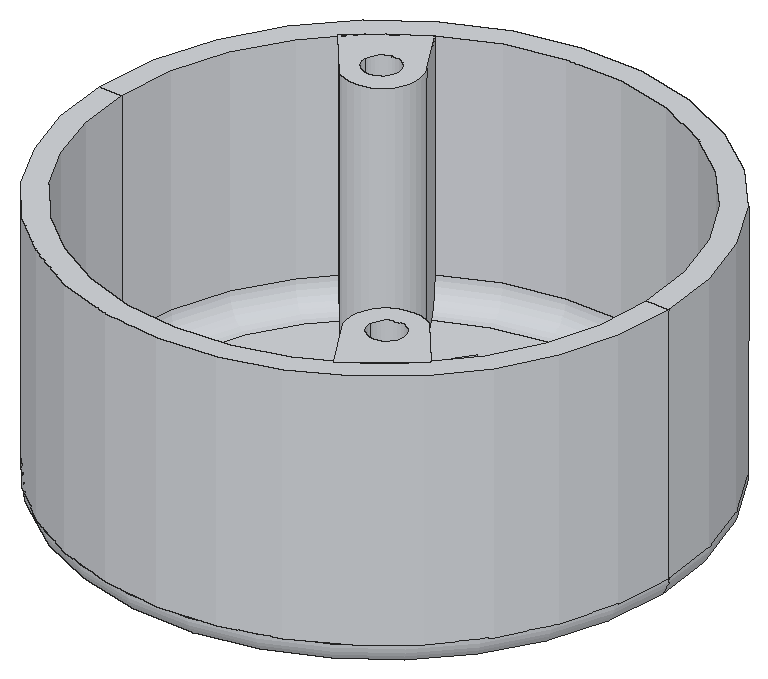
Revit family "PL4B", category Generic Models, Revit 2017
Family settings
  Can host rebar = No
  Round Connector Dimension = Use Diameter
  Part Type = Normal
  Work Plane-Based = Yes
  Always vertical = No
  Cut with Voids When Loaded = No
  Shared = No
  Room Calculation Point = No
Parameters (values of type "NBS Standard Parameters")
  Weight = "0.075Kg"
  WarrantyStartDate [instance] = "1900-12-31T23:59:59"
  WarrantyGuarantorParts = "n/a"
  WarrantyGuarantorLabor = "n/a"
  WarrantyDurationUnit = "1 year"
  WarrantyDurationParts = "n/a"
  WarrantyDurationLabor = "n/a"
  WarrantyDescription = "n/a"
  Version = "1"
  Uniclass2 = "Pr_65_70_11_20"
  TagNumber [instance] = "n/a"
  SustainabilityPerformance = "n/a"
  Size = "4 Hole / KO"
  Shape = "Circular"
  SerialNumber [instance] = "n/a"
  Revision = "n/a"
  ReplacementCost = "n/a"
  ProductInformation = "www.metpro.co.uk/pdf/pl4w.pdf"
  NominalWidth = 66 mm
  NominalLength = 66 mm
  NominalHeight = 32.5 mm
  Name = ""
  NBSTypeID = ""
  NBSReference = "90-55-10/460"
  NBSOfficeMasterTag = ""
  NBSNote = ""
  NBSDescription = "Conduit Fittings"
  NBSCertification = ""
  ModelReference = "PL4B"
  ModelNumber = "n/a"
  Material = "Mild Steel"
  ManufacturerURL = "www.metpro.co.uk"
  ManufacturerName = "Metpro Ltd"
  Keynote = "Manufactured to BS4607 Part 1"
  InstallationDate [instance] = "1900-12-31T23:59:59"
  IfcExportType = ""
  IfcExportAs = ""
  Grade = "n/a"
  Finish = "Black"
  Features = "n/a"
  ExpectedLife = "n/a"
  DurationUnit = "year"
  Description = "PL4B - PVC Conduit Loopin Box"
  Default Elevation = 1219.2 mm
  Constituents = "n/a"
  Color = "n/a"
  CodePerformance = "n/a"
  Category = "n/a"
  BarCode [instance] = "n/a"
  BIMObjectName = "Metpro_metprolibrary_conduitfittings_PVCcomponent_accessory"
  Author = "Metpro Ltd"
  AssetType = ""
  AssetIdentifier [instance] = "n/a"
  AccessibilityPerformance = "n/a"
Reference planes
  plane 1 "Center (Front/Back)": y = 0
  plane 2: z = 0
  plane 3 "Center (Left/Right)": x = 0
Forms (mm)
  Revolve 1, solid
    sketch origin (32.5, 160.728, -24.873) x (1, 0, 0) y (0, 0, 1)
      loop
        line (-32.5, 40) -> (-32.5, 12.5)
        arc (-32.5, 12.5) -> (-31.768, 10.732) -> (-30, 10) r 2.5
        line (-30, 10) -> (0, 10) -> (0, 12.541) -> (-27, 12.541)
        arc (-27, 12.541) -> (-29.121, 13.42) -> (-30, 15.541) r 3
        line (-30, 15.541) -> (-30, 40) -> (-32.5, 40)
      axis (0, 10) -> (0, 40)
    angle from 0 to 360
  Extrusion 2, solid
    sketch origin (32.5, 160.728, 15.127) x (0, 1, 0) y (-1, 0, 0)
      loop
        arc (-15.277, -17.303) -> (-15.749, -12.281) -> (-20.76, -11.714) r 4
        line (-20.76, -11.714) -> (-25.958, -15.04)
        arc (-25.958, -15.04) -> (-23.533, -18.606) -> (-20.622, -21.788) r 30
        line (-20.622, -21.788) -> (-15.277, -17.303)
      loop
        circle (-18.691, -15.253) r 1.939
      loop
        arc (15.277, 17.303) -> (15.749, 12.281) -> (20.76, 11.714) r 4
        line (20.76, 11.714) -> (25.958, 15.04)
        arc (25.958, 15.04) -> (23.533, 18.606) -> (20.622, 21.788) r 30
        line (20.622, 21.788) -> (15.277, 17.303)
      loop
        circle (18.691, 15.253) r 1.939
    from 0 to -28
  Extrusion 3, void
    sketch origin (32.5, 160.728, 15.127) x (-1, 0, 0) y (0, 1, 0)
      loop
        arc (5.272, -23.954) -> (0.484, -24.83) -> (-4.061, -23.085) r 9
        line (-4.061, -23.085) -> (-4.697, -23.732)
        arc (-4.697, -23.732) -> (1.058, -25.766) -> (6.912, -24.037) r 9.9
        line (6.912, -24.037) -> (6.256, -23.393)
        arc (6.256, -23.393) -> (5.773, -23.689) -> (5.272, -23.954) r 9
      loop
        line (-6.598, -21.815) -> (-5.959, -21.165)
        arc (-5.959, -21.165) -> (-7.677, -16.164) -> (-6.291, -11.062) r 9
        line (-6.291, -11.062) -> (-6.946, -10.418)
        arc (-6.946, -10.418) -> (-8.578, -16.171) -> (-6.598, -21.815) r 9.9
      loop
        line (-5.162, -8.385) -> (-4.518, -9.018)
        arc (-4.518, -9.018) -> (0.896, -6.879) -> (6.486, -8.501) r 9
        line (6.486, -8.501) -> (7.125, -7.852)
        arc (7.125, -7.852) -> (0.889, -5.979) -> (-5.162, -8.385) r 9.9
      loop
        line (9.076, -9.719) -> (8.439, -10.366)
        arc (8.439, -10.366) -> (10.317, -16.006) -> (8.269, -21.586) r 9
        line (8.269, -21.586) -> (8.913, -22.219)
        arc (8.913, -22.219) -> (11.217, -15.998) -> (9.076, -9.719) r 9.9
      loop
        arc (10.624, -9.052) -> (16.488, -10.227) -> (21.958, -7.81) r 9.9
        line (21.958, -7.81) -> (21.26, -7.224)
        arc (21.26, -7.224) -> (16.41, -9.33) -> (11.214, -8.348) r 9
        line (11.214, -8.348) -> (10.624, -9.052)
      loop
        line (8.457, -7.434) -> (9.038, -6.742)
        arc (9.038, -6.742) -> (6.481, -1.512) -> (7.659, 4.189) r 9
        line (7.659, 4.189) -> (6.961, 4.774)
        arc (6.961, 4.774) -> (5.583, -1.59) -> (8.457, -7.434) r 9.9
      loop
        line (8.669, 6.865) -> (9.365, 6.282)
        arc (9.365, 6.282) -> (14.839, 8.596) -> (20.563, 6.993) r 9
        line (20.563, 6.993) -> (21.143, 7.685)
        arc (21.143, 7.685) -> (14.761, 9.493) -> (8.669, 6.865) r 9.9
      loop
        line (23.113, 5.832) -> (22.523, 5.129)
        arc (22.523, 5.129) -> (22.856, 4.67) -> (23.159, 4.192) r 9
        arc (23.159, 4.192) -> (24.409, -0.513) -> (23.026, -5.181) r 9
        line (23.026, -5.181) -> (23.721, -5.765)
        arc (23.721, -5.765) -> (25.296, 0.132) -> (23.113, 5.832) r 9.9
      loop
        arc (6.813, 8.52) -> (8.725, 14.872) -> (6.198, 21.006) r 9.9
        line (6.198, 21.006) -> (5.577, 20.35)
        arc (5.577, 20.35) -> (7.826, 14.848) -> (6.154, 9.144) r 9
        line (6.154, 9.144) -> (6.813, 8.52)
      loop
        line (3.5, 22.083) -> (4.132, 22.751)
        arc (4.132, 22.751) -> (-1.397, 24.282) -> (-6.847, 22.491) r 9.9
        line (-6.847, 22.491) -> (-6.178, 21.858)
        arc (-6.178, 21.858) -> (-1.937, 23.352) -> (2.497, 22.608) r 9
        arc (2.497, 22.608) -> (3.007, 22.361) -> (3.5, 22.083) r 9
      loop
        line (-8.358, 19.791) -> (-9.016, 20.413)
        arc (-9.016, 20.413) -> (-11.061, 14.56) -> (-9.224, 8.638) r 9.9
        line (-9.224, 8.638) -> (-8.592, 9.305)
        arc (-8.592, 9.305) -> (-10.16, 14.586) -> (-8.358, 19.791) r 9
      loop
        arc (4.27, 7.209) -> (-1.259, 5.386) -> (-6.747, 7.327) r 9
        line (-6.747, 7.327) -> (-7.368, 6.671)
        arc (-7.368, 6.671) -> (-1.233, 4.485) -> (4.931, 6.583) r 9.9
        line (4.931, 6.583) -> (4.27, 7.209)
      loop
        arc (-6.752, -6.968) -> (-5.055, -0.681) -> (-7.63, 5.3) r 9.9
        line (-7.63, 5.3) -> (-8.203, 4.591)
        arc (-8.203, 4.591) -> (-5.95, -0.777) -> (-7.455, -6.401) r 9
        line (-7.455, -6.401) -> (-6.752, -6.968)
      loop
        arc (-22.204, 3.911) -> (-16.709, 7.434) -> (-10.279, 6.317) r 9
        line (-10.279, 6.317) -> (-9.709, 7.023)
        arc (-9.709, 7.023) -> (-16.805, 8.333) -> (-22.905, 4.477) r 9.9
        line (-22.905, 4.477) -> (-22.204, 3.911)
      loop
        arc (-9.282, -8.396) -> (-14.192, -10.358) -> (-19.357, -9.224) r 9
        line (-19.357, -9.224) -> (-19.944, -9.924)
        arc (-19.944, -9.924) -> (-14.105, -11.254) -> (-8.567, -8.973) r 9.9
        line (-8.567, -8.973) -> (-9.282, -8.396)
      loop
        line (-23.408, 1.633) -> (-24.138, 2.246)
        arc (-24.138, 2.246) -> (-24.642, -3.307) -> (-22.064, -8.252) r 9.9
        line (-22.064, -8.252) -> (-21.482, -7.558)
        arc (-21.482, -7.558) -> (-23.738, -3.234) -> (-23.408, 1.633) r 9
    from 27.058 to 30.255
Cuts and joins
  Extrusion 3 cuts Revolve 1
Dimensions and locks
  aligned and locked: level to plane 2
